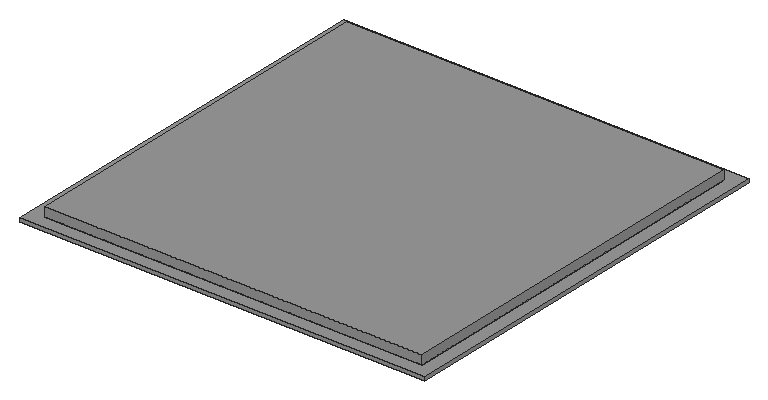
Revit family "63_UN_LEDPanel_LPS-O 60x60_Norton", category Lighting Fixtures, Revit 2019
Family settings
  Round Connector Dimension = Use Diameter
  Part Type = Normal
  OmniClass Number = 23.80.70.11.14.11
  OmniClass Title = Downlights
  Work Plane-Based = No
  Always vertical = Yes
  Cut with Voids When Loaded = No
  Light Source = Yes
  Shared = No
  Room Calculation Point = Yes
Parameters (values of type "LPS-O 865 4100LM 60x60")
  Wattage Comments = "33"
  Wattage = 3.36605 W
  built-in parameter 1150110 = 1 (stored number, unit not read)
  Voltage = 230 V
  URL = "https://www.ivlibrary.com/"
  Type Comments = "LPS-O93"
  built-in parameter 1114217 = 1 (stored number, unit not read)
  Tilt Angle = 90.00°
  built-in parameter 1150109 = 1 (stored number, unit not read)
  built-in parameter 1150134 = 3
  Symbol_ToScale [instance] = not(Symbol_RealSize)  # no
  Symbol_RealSize [instance] = yes
  Switch Code [instance] = ""
  built-in parameter 1150113 = 1 (stored number, unit not read)
  Photometric Web File = "LPS-O 865 4100LM 60x60_LDT.ies"
  Model = "LPS"
  Manufacturer = "Norton"
  built-in parameter 1150105 = 39.789 (stored number, unit not read)
  Luminous Flux (lm) = 4110 lm
  Lumens = 4110 lm
  built-in parameter 1150115 = 1 (stored number, unit not read)
  Luminaire Code [instance] = ""
  built-in parameter 1150137 = (empty or 0)
  built-in parameter 1150139 = (empty or 0)
  built-in parameter 1150112 = 1 (stored number, unit not read)
  built-in parameter 1150114 = 1 (stored number, unit not read)
  Lamp = "LED"
  L3 = 20 mm
  L2 = 596 mm
  L1 = 596 mm
  built-in parameter 1150132 = 2
  built-in parameter 1150102 = (empty or 0)
  built-in parameter 1150107 = 3200 (stored number, unit not read)
  built-in parameter 1150138 = (empty or 0)
  built-in parameter 1150106 = 0.39789 (stored number, unit not read)
  IfcExportType = "USERDEFINED"
  IfcExportAs = "IfcLightFixtureType"
  ISBN Code = "-"
  IP Value = "IP20"
  IK Value = "IK06"
  Housing_Material = Laminate, White
  H1 = 13.5 mm
  GTIN Code = "-"
  Emit from Rectangle Width = L2 - (L3 * 2)  # 556 mm
  Emit from Rectangle Length = L1 - (L3 * 2)  # 556 mm
  Emit Shape Visible in Rendering = no
  built-in parameter 1150104 = 13.8 (stored number, unit not read)
  ETIM Code = "-"
  Dimming Lamp Color Temperature Shift = <None>
  Description = ""
  Content Creator® = "www.ivlibrary.com"
  Color Filter = 16777215
  Calc_L2_Symbol = L2 / 100  # 5.96 mm
  Calc_L1_Symbol = L1 / 100  # 5.96 mm
  built-in parameter 1114218 = 1 (stored number, unit not read)
  built-in parameter 1150133 = 10 (stored number, unit not read)
  Assembly Code = "63.0"
  Apparent Load = 33 VA
Types (7, lengths in mm): name | Wattage Comments | Photometric Web File | Luminous Flux (lm) | Lumens | Apparent Load
  LPS-O 865 4100LM 60x60 | "33" | "LPS-O 865 4100LM 60x60_LDT.ies" | 4110 lm | 4110 lm | 33 VA
  LPS-O 83 3400LM 60x60 | "29" | "LPS-O 83 3400LM 60x60_LDT.ies" | 3400 lm | 3400 lm | 29 VA
  LPS-O 84 3600LM 60X60 | "29" | "LPS-O 84 3600LM 60x60_LDT.ies" | 3700 lm | 3700 lm | 29 VA
  LPS-O 83 5300LM 60X60 | "48" | "LPS-O 83 5300LM 60x60_LDT.ies" | 5300 lm | 5300 lm | 48 VA
  LPS-O 84 4000LM 60x60 | "33" | "LPS-O 84 4000LM 60x60_LDT.ies" | 4000 lm | 4000 lm | 33 VA
  LPS-O 84 5500LM 60x60 | "48" | "LPS-O 84 5500LM 60x60_LDT.ies" | 5500 lm | 5500 lm | 48 VA
  LPS-O 865 3700LM 60x60 | "34" | "LPS-O 865 3700LM 60x60_LDT.ies" | 3812 lm | 3812 lm | 34 VA
Reference planes
  plane 1 "Center (Front/Back)": y = 0
  plane 2: z = 0
  plane 3 "Center (Left/Right)": x = 0
  plane 4: x = -278
  plane 5: x = 278
  plane 6: y = 278
  plane 7: y = -278
  plane 8: x = -298
  plane 9: x = 298
  plane 10: y = -298
  plane 11: y = 298
Forms (mm)
  Extrusion 1, solid, material "Laminate, White" <- "Housing_Material"
    sketch origin (0, 0, 0) x (1, 0, 0) y (0, 1, 0)
      loop
        line (-278, 278) -> (-278, -278) -> (278, -278) -> (278, 278) -> (-278, 278)
    from 0 to 13.5 <- "H1"
  Extrusion 2, solid, material "Glass, White, High Luminance"
    sketch origin (0, 0, 0) x (1, 0, 0) y (0, 1, 0)
      loop
        line (-278, 278) -> (-278, -278) -> (278, -278) -> (278, 278) -> (-278, 278)
    from 0 to -1
  Extrusion 3, solid, material "Laminate, White" <- "Housing_Material"
    sketch origin (0, 0, 0) x (1, 0, 0) y (0, 1, 0)
      loop
        line (-278, 278) -> (-278, -278) -> (278, -278) -> (278, 278) -> (-278, 278)
      loop
        line (-298, -298) -> (298, -298) -> (298, 298) -> (-298, 298) -> (-298, -298)
    from 0 to -5
Lines and regions (mm)
  symbolic lines, visible <- "Symbol_RealSize"
    curve 1: line (-298, -298, 0) -> (298, -298, 0)
    curve 2: line (-298, 298, 0) -> (-298, -298, 0)
    curve 3: line (298, 298, 0) -> (-298, 298, 0)
    curve 4: line (298, -298, 0) -> (298, 298, 0)
Dimensions and locks
  equal spacing: plane 11, plane 1 "Center (Front/Back)", plane 10
  equal spacing: plane 8, plane 3 "Center (Left/Right)", plane 9
  "L1": plane 8 to plane 9
  "L2": plane 11 to plane 10
  "H1": Extrusion 1 to level
  "L3": plane 8 to plane 4
  "L3": plane 5 to plane 9
  "L3": plane 6 to plane 11
  "L3": plane 7 to plane 10
  aligned and locked: level to plane 2
  aligned and locked: Extrusion 1 sketch curve to plane 6
  aligned and locked: plane 4 to Extrusion 1 sketch curve
  aligned and locked: plane 7 to Extrusion 1 sketch curve
  aligned and locked: plane 5 to Extrusion 1 sketch curve
  aligned and locked: Extrusion 2 sketch curve to Extrusion 1  (x4)
  aligned and locked: plane 11 to Extrusion 3
  aligned and locked: plane 9 to Extrusion 3
  aligned and locked: plane 10 to Extrusion 3
  aligned and locked: plane 8 to Extrusion 3
  aligned and locked: plane 9 to Extrusion 3 sketch curve
  aligned and locked: plane 10 to Extrusion 3 sketch curve
  aligned and locked: plane 8 to Extrusion 3 sketch curve
  aligned and locked: plane 11 to Extrusion 3 sketch curve
  aligned and locked: plane 5 to Extrusion 3 sketch curve
  aligned and locked: Extrusion 3 sketch curve to plane 6
  aligned and locked: plane 4 to Extrusion 3 sketch curve
  aligned and locked: plane 7 to Extrusion 3 sketch curve
Automatic sketch dimensions
  curve 3 to plane 8 = 0 mm
  curve 1 to plane 9 = 0 mm
  curve 2 to plane 10 = 0 mm
  plane 11 to curve 2 = 0 mm
Nested families
  nested 1: "Parametric LED Panel Symbol" at (0, 0, 0), L1 <- "Calc_L1_Symbol", L2 <- "Calc_L2_Symbol", visible <- "Symbol_ToScale", type "Parametric LED Panel Symbol"
    with L2 5.96 mm, L1 5.96 mm
Connectors
  electrical at (0, 0, 0), driven by "Voltage", driven by "Apparent Load"
    settings: index 1, voltage 230 V, apparent load 0 VA, apparent load phase1 33 VA, apparent load phase2 0 VA, apparent load phase3 0 VA, power factor 1, load classification "Lighting", number of poles 1, system type 31, power factor state 1, is connector primary yes, connector utility no, sub classification motor no, connector description ""
Definition of nested family "Parametric LED Panel Symbol"
  Parameters (values of type "Parametric LED Panel Symbol")
    L2 [instance] = 4.484 mm
    L1 [instance] = 6.437 mm
  Reference planes
    plane 1: y = 0
    plane 2: x = 0
  Lines and regions (mm)
    detail lines
      curve 1: line (-3.219, 2.242, 0) -> (3.219, 2.242, 0)
      curve 2: line (-3.219, -2.242, 0) -> (-3.219, 2.242, 0)
      curve 3: line (3.219, -2.242, 0) -> (-3.219, -2.242, 0)
      curve 4: line (3.219, 2.242, 0) -> (3.219, -2.242, 0)
  Dimensions and locks
    equal spacing: curve 2, plane 2, curve 4
    equal spacing: curve 3, plane 1, curve 1
    "L1": curve 2 to curve 4
    "L2": curve 3 to curve 1
